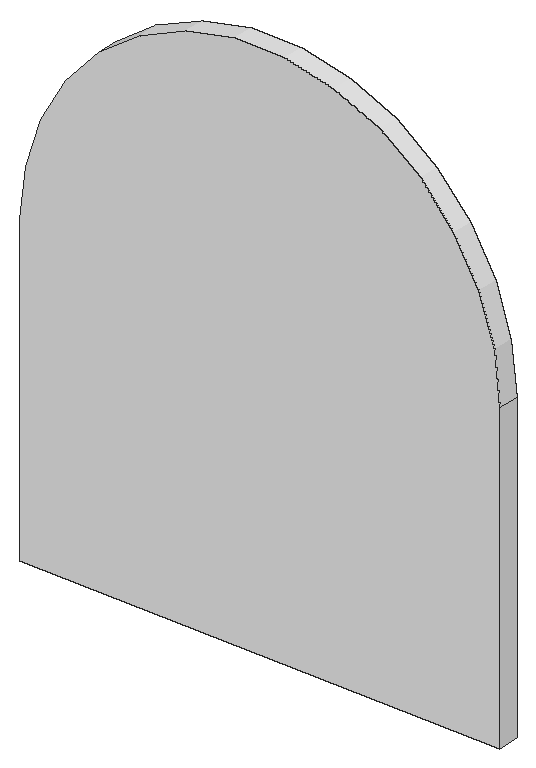
Revit family "Deca_Bacia Sanitária Convencional Carrara_P.60", category Plumbing Fixtures, host Face, Revit 2012
Parameters (values of type "AP.23_ Branco Gelo GE17")
  Vendido Separadamente = ""
  Variações de COR = " Branco (AP.23.17), Creme (AP.23.37), Ébano (AP.23.95)"
  URL = "www.deca.com.br/produtos"
  Segmento = "Luxo"
  Produto = "Assento Poliester Luxo*** - Fixação Cromada"
  Peso Liquido (Kg) = 3.8
  Norma = "Não se Aplica"
  Criado por = "Contino/quattroD"  # constant formula
  Assento Não = no
  Model = "AP.23.17"
  Material = "Deca_Poliéster e latão cromado"
  Manufacturer = "Deca"
  Louça/Metais = "Louça"
  Linha = "***LK, Omega, Carrara, Nuova, e Duna"
  Informações Complementares = ""
  Description = "Assento Poliester Luxo*** - Fixação Cromada"
  Código = "AP.23.17"
  Atendimento ao Cliente = "0800-0117073"
  Assento 3D = yes
  Assento = Deca GE17 Branco Gelo Poliester
  Assembly Code = "D2010100"
  Aprovado por = "Contino/quattroD"  # constant formula
  Acompanha o Produto = ""
  AP.60 = no
  AP.237 = no
  AP.23.230 = yes
Types (11, lengths in mm): name | Variações de COR | URL | Segmento | Produto | Peso Liquido (Kg) | Norma | Assento Não | Model | Material | Manufacturer | Louça/Metais | Linha | Description | Código | Atendimento ao Cliente | Assento 3D | Assento | Assembly Code | AP.60 | AP.237 | AP.23.230
  AP.60_ Branco Gelo GE17 | " Branco (AP.60.17), Creme (AP.60.37), Ébano (AP.60.95)" | "www.deca.com.br/produtos" | "Luxo" | "Assento Plástico Luxo***" | 1.06 | "Não se Aplica" | no | "AP.60.17" | "Deca_Polipropileno" | "Deca" | "Louça" | "***LK, Omega, Carrara, Nuova, e Duna" | "Assento Plástico Luxo***" | "AP.60.17" | "0800-0117073" | yes | Deca GE17 Branco Gelo Plástico | "D2010100" | yes | no | no
  AP.60_Creme CR37 | " Branco (AP.60.17), Creme (AP.60.37), Ébano (AP.60.95)" | "www.deca.com.br/produtos" | "Luxo" | "Assento Plástico Luxo***" | 1.06 | "Não se Aplica" | no | "AP.60.37" | "Deca_Polipropileno" | "Deca" | "Louça" | "***LK, Omega, Carrara, Nuova, e Duna" | "Assento Plástico Luxo***" | "AP.60.37" | "0800-0117073" | yes | Deca CR37 Creme Plástico | "D2010100" | yes | no | no
  AP.60_Ébano EB95 | "Branco (AP.60.17), Creme (AP.60.37), Ébano (AP.60.95)" | "www.deca.com.br/produtos" | "Luxo" | "Assento Plástico Luxo***" | 1.06 | "Não se Aplica" | no | "AP.60.95" | "Deca_Polipropileno" | "Deca" | "Louça" | "***LK, Omega, Carrara, Nuova, e Duna" | "Assento Plástico Luxo***" | "AP.60.95" | "0800-0117073" | yes | Deca EB95 Ébano Plástico | "D2010100" | yes | no | no
  AP.23_ Branco Gelo GE17 | " Branco (AP.23.17), Creme (AP.23.37), Ébano (AP.23.95)" | "www.deca.com.br/produtos" | "Luxo" | "Assento Poliester Luxo*** - Fixação Cromada" | 3.8 | "Não se Aplica" | no | "AP.23.17" | "Deca_Poliéster e latão cromado" | "Deca" | "Louça" | "***LK, Omega, Carrara, Nuova, e Duna" | "Assento Poliester Luxo*** - Fixação Cromada" | "AP.23.17" | "0800-0117073" | yes | Deca GE17 Branco Gelo Poliester | "D2010100" | no | no | yes
  AP.23_Creme CR37 | " Branco (AP.23.17), Creme (AP.23.37), Ébano (AP.23.95)" | "www.deca.com.br/produtos" | "Luxo" | "Assento Poliester Luxo*** - Fixação Cromada" | 3.8 | "Não se Aplica" | no | "AP.23.37" | "Deca_Poliéster e latão cromado" | "Deca" | "Louça" | "***LK, Omega, Carrara, Nuova, e Duna" | "Assento Poliester Luxo*** - Fixação Cromada" | "AP.23.37" | "0800-0117073" | yes | Deca CR37 Creme Poliester | "D2010100" | no | no | yes
  AP.23_Ébano EB95 | " Branco (AP.23.17), Creme (AP.23.37), Ébano (AP.23.95)" | "www.deca.com.br/produtos" | "Luxo" | "Assento Poliester Luxo*** - Fixação Cromada" | 3.8 | "Não se Aplica" | no | "AP.23.95" | "Deca_Poliéster e latão cromado" | "Deca" | "Louça" | "***LK, Omega, Carrara, Nuova, e Duna" | "Assento Poliester Luxo*** - Fixação Cromada" | "AP.23.95" | "0800-0117073" | yes | Deca EB95 Ébano Poliester | "D2010100" | no | no | yes
  AP.230_Ébano EB95 | " Branco (AP.230.17), Creme (AP.230.37), Ébano (AP.230.95)" | "www.deca.com.br/produtos" | "Luxo" | "Assento Poliester Luxo*** - Fixação Cromada" | 3.8 | "Não se Aplica" | no | "AP.230.95" | "Deca_Poliéster e latão dourado" | "Deca" | "Louça" | "***LK, Omega, Carrara, Nuova, e Duna" | "Assento Poliester Luxo*** - Fixação Dourada" | "AP.230.95" | "0800-0117073" | yes | Deca EB95 Ébano Poliester | "D2010100" | no | no | yes
  AP.230_Creme CR37 | " Branco (AP.230.17), Creme (AP.230.37), Ébano (AP.230.95)" | "www.deca.com.br/produtos" | "Luxo" | "Assento Poliester Luxo*** - Fixação Cromada" | 3.8 | "Não se Aplica" | no | "AP.230.37" | "Deca_Poliéster e latão dourado" | "Deca" | "Louça" | "***LK, Omega, Carrara, Nuova, e Duna" | "Assento Poliester Luxo*** - Fixação Dourada" | "AP.230.37" | "0800-0117073" | yes | Deca CR37 Creme Poliester | "D2010100" | no | no | yes
  AP.230_Branco Gelo GE17 | " Branco (AP.230.17), Creme (AP.230.37), Ébano (AP.230.95)" | "www.deca.com.br/produtos" | "Luxo" | "Assento Poliester Luxo*** - Fixação Cromada" | 3.8 | "Não se Aplica" | no | "AP.230.17" | "Deca_Poliéster e latão dourado" | "Deca" | "Louça" | "***LK, Omega, Carrara, Nuova, e Duna" | "Assento Poliester Luxo*** - Fixação Dourada" | "AP.230.17" | "0800-0117073" | yes | Deca GE17 Branco Gelo Poliester | "D2010100" | no | no | yes
  AP.237_Branco Gelo GE17 | " Branco (AP.237.17)" | "www.deca.com.br/produtos" | "Luxo" | "Assento Poliester Luxo*** - com Slow Close" | 4.4 | "Não se Aplica" | no | "AP.237.17" | "Deca_Poliéster " | "Deca" | "Louça" | "***LK, Omega, Carrara, Nuova, e Duna" | "Assento Poliester Luxo*** -com Slow Close" | "AP.237.17" | "0800-0117073" | yes | Deca GE17 Branco Gelo Poliester | "D2010100" | no | yes | no
  Assento Não | "" | "" | "" | "" | 0 | "" | yes | "" | "" | 0 | "" | "" | "" | "" | "" | no | none | 0 | no | no | no
Reference planes
  plane 1 "Center (Front/Back)": y = 0
  plane 2: z = 0
  plane 3 "Center (Left/Right)": x = 0
  plane 4: x = 3.125
  plane 5: x = -0.469
  plane 6: x = -0.312
  plane 7: x = -78.312
Forms (mm)
  Extrusion 1, solid, material "Deca GE17 Branco Gelo Poliester" <- "Assento", visible <- "Assento 3D"
    sketch origin (0, -384.219, -161.25) x (1, 0, 0) y (0, 0, 1)
      loop
        line (170, 207.5) -> (170, 423.75)
        arc (170, 423.75) -> (0, 593.75) -> (-170, 423.75) r 170
        line (-170, 423.75) -> (-170, 207.5) -> (170, 207.5)
    from -405 to -390.219
Lines and regions (mm)
  Masking region 1, visible <- "AP.60"
    outline origin (-1148.271, 0, -363.283) x (1, 0, 0) y (0, 0, 1)
      loop
        line (979.741, 629.572) -> (979.737, 391.632)
        arc (979.737, 391.632) -> (982.787, 384.428) -> (990.082, 381.603) r 10.035
        line (990.082, 381.603) -> (997.594, 381.465)
        arc (997.594, 381.465) -> (1013.999, 378.597) -> (1030.505, 376.385) r 418.11
        line (1030.505, 376.385) -> (1053.346, 376.385) -> (1053.346, 349.072)
        arc (1053.346, 349.072) -> (1053.638, 348.365) -> (1054.346, 348.072) r 1
        line (1054.346, 348.072) -> (1084.946, 348.072)
        arc (1084.946, 348.072) -> (1085.653, 348.365) -> (1085.946, 349.072) r 1
        line (1085.946, 349.072) -> (1085.946, 378.472)
        arc (1085.946, 378.472) -> (1085.653, 379.179) -> (1084.946, 379.472) r 1
        line (1084.946, 379.472) -> (1079.146, 379.472) -> (1079.146, 383.283) -> (1143.896, 383.283) -> (1216.146, 383.283) -> (1216.146, 379.472) -> (1210.346, 379.472)
        arc (1210.346, 379.472) -> (1209.638, 379.179) -> (1209.346, 378.472) r 1
        line (1209.346, 378.472) -> (1209.346, 349.072)
        arc (1209.346, 349.072) -> (1209.638, 348.365) -> (1210.346, 348.072) r 1
        line (1210.346, 348.072) -> (1240.946, 348.072)
        arc (1240.946, 348.072) -> (1241.653, 348.365) -> (1241.946, 349.072) r 1
        line (1241.946, 349.072) -> (1241.946, 376.385) -> (1264.786, 376.385)
        arc (1264.786, 376.385) -> (1281.292, 378.597) -> (1297.698, 381.465) r 418.11
        line (1297.698, 381.465) -> (1305.209, 381.603)
        arc (1305.209, 381.603) -> (1312.505, 384.428) -> (1315.554, 391.632) r 10.035
        line (1315.554, 391.632) -> (1315.549, 630.173)
        arc (1315.549, 630.173) -> (1147.345, 797.476) -> (979.741, 629.572) r 167.905
  Masking region 2, visible <- "AP.23.230"
    outline origin (-1527.819, 0, -381.319) x (1, 0, 0) y (0, 0, 1)
      loop
        arc (1354.798, 428.032) -> (1356.26, 424.501) -> (1359.791, 423.038) r 4.994
        line (1359.791, 423.038) -> (1425.298, 423.038) -> (1425.298, 411.575) -> (1423.854, 411.575)
        arc (1423.854, 411.575) -> (1423.348, 411.437) -> (1422.981, 411.063) r 1
        arc (1422.981, 411.063) -> (1422.322, 409.426) -> (1422.098, 407.675) r 6.937
        arc (1422.098, 407.675) -> (1422.322, 405.924) -> (1422.981, 404.286) r 6.937
        arc (1422.981, 404.286) -> (1423.348, 403.912) -> (1423.854, 403.775) r 1
        line (1423.854, 403.775) -> (1425.298, 403.775) -> (1425.298, 401.775)
        arc (1425.298, 401.775) -> (1425.444, 401.421) -> (1425.798, 401.275) r 0.5
        line (1425.798, 401.275) -> (1438.798, 401.275)
        arc (1438.798, 401.275) -> (1439.151, 401.421) -> (1439.298, 401.775) r 0.5
        line (1439.298, 401.775) -> (1439.298, 378.675)
        arc (1439.298, 378.675) -> (1449.304, 368.675) -> (1459.327, 378.688) r 10
        line (1459.327, 378.688) -> (1459.311, 401.774)
        arc (1459.311, 401.774) -> (1459.458, 401.421) -> (1459.811, 401.275) r 0.5
        line (1459.811, 401.275) -> (1472.811, 401.275)
        arc (1472.811, 401.275) -> (1473.165, 401.421) -> (1473.311, 401.775) r 0.5
        line (1473.311, 401.775) -> (1473.311, 403.775) -> (1474.755, 403.775)
        arc (1474.755, 403.775) -> (1475.261, 403.912) -> (1475.627, 404.286) r 1
        arc (1475.627, 404.286) -> (1476.287, 405.924) -> (1476.511, 407.675) r 6.937
        arc (1476.511, 407.675) -> (1476.287, 409.426) -> (1475.627, 411.063) r 6.937
        arc (1475.627, 411.063) -> (1475.261, 411.437) -> (1474.755, 411.575) r 1
        line (1474.755, 411.575) -> (1473.311, 411.575) -> (1473.311, 423.038) -> (1581.388, 423.038) -> (1581.388, 411.575) -> (1579.945, 411.575)
        arc (1579.945, 411.575) -> (1579.439, 411.437) -> (1579.072, 411.063) r 1
        arc (1579.072, 411.063) -> (1578.413, 409.426) -> (1578.188, 407.675) r 6.937
        arc (1578.188, 407.675) -> (1578.413, 405.924) -> (1579.072, 404.286) r 6.937
        arc (1579.072, 404.286) -> (1579.439, 403.912) -> (1579.945, 403.775) r 1
        line (1579.945, 403.775) -> (1581.388, 403.775) -> (1581.388, 401.775)
        arc (1581.388, 401.775) -> (1581.535, 401.421) -> (1581.888, 401.275) r 0.5
        line (1581.888, 401.275) -> (1594.888, 401.275)
        arc (1594.888, 401.275) -> (1595.242, 401.421) -> (1595.404, 401.774) r 0.5
        line (1595.404, 401.774) -> (1595.402, 378.688)
        arc (1595.402, 378.688) -> (1605.395, 368.675) -> (1615.402, 378.675) r 10
        line (1615.402, 378.675) -> (1615.402, 401.775)
        arc (1615.402, 401.775) -> (1615.548, 401.421) -> (1615.902, 401.275) r 0.5
        line (1615.902, 401.275) -> (1628.902, 401.275)
        arc (1628.902, 401.275) -> (1629.256, 401.421) -> (1629.402, 401.775) r 0.5
        line (1629.402, 401.775) -> (1629.402, 403.775) -> (1630.846, 403.775)
        arc (1630.846, 403.775) -> (1631.351, 403.912) -> (1631.718, 404.286) r 1
        arc (1631.718, 404.286) -> (1632.377, 405.924) -> (1632.602, 407.675) r 6.937
        arc (1632.602, 407.675) -> (1632.377, 409.426) -> (1631.718, 411.063) r 6.937
        arc (1631.718, 411.063) -> (1631.351, 411.437) -> (1630.846, 411.575) r 1
        line (1630.846, 411.575) -> (1629.402, 411.575) -> (1629.402, 423.038) -> (1694.908, 423.038)
        arc (1694.908, 423.038) -> (1698.439, 424.501) -> (1699.902, 428.032) r 4.994
        line (1699.902, 428.032) -> (1699.902, 643.038)
        arc (1699.902, 643.038) -> (1527.35, 815.59) -> (1354.798, 643.038) r 172.552
        line (1354.798, 643.038) -> (1354.798, 428.032)
  Masking region 3, visible <- "AP.237"
    outline origin (-2298.464, 0, -383.575) x (1, 0, 0) y (0, 0, 1)
      loop
        line (2126.401, 644.445) -> (2126.401, 431.065)
        arc (2126.401, 431.065) -> (2127.571, 428.24) -> (2130.396, 427.07) r 3.995
        line (2130.396, 427.07) -> (2184.741, 427.07) -> (2184.741, 404.47) -> (2198.741, 404.47) -> (2198.741, 407.472) -> (2200.401, 407.472) -> (2200.401, 385.97)
        arc (2200.401, 385.97) -> (2220.151, 366.22) -> (2239.901, 385.97) r 19.75
        line (2239.901, 385.97) -> (2239.901, 409.072) -> (2242.651, 409.072) -> (2242.651, 406.07)
        arc (2242.651, 406.07) -> (2242.798, 405.716) -> (2243.151, 405.57) r 0.5
        line (2243.151, 405.57) -> (2256.651, 405.57) -> (2256.651, 427.07) -> (2339.651, 427.07) -> (2339.651, 406.07)
        arc (2339.651, 406.07) -> (2339.798, 405.716) -> (2340.151, 405.57) r 0.5
        line (2340.151, 405.57) -> (2352.988, 405.57)
        arc (2352.988, 405.57) -> (2353.421, 405.686) -> (2353.61, 406.092) r 0.53
        line (2353.61, 406.092) -> (2353.61, 408.124) -> (2354.401, 408.124) -> (2354.401, 406.87) -> (2356.401, 406.87) -> (2356.401, 385.97)
        arc (2356.401, 385.97) -> (2376.151, 366.22) -> (2395.901, 385.97) r 19.75
        line (2395.901, 385.97) -> (2395.901, 407.472) -> (2397.561, 407.472) -> (2397.561, 404.47) -> (2411.561, 404.47) -> (2411.561, 427.07) -> (2465.906, 427.07)
        arc (2465.906, 427.07) -> (2468.731, 428.24) -> (2469.901, 431.065) r 3.995
        line (2469.901, 431.065) -> (2469.901, 644.445)
        arc (2469.901, 644.445) -> (2419.597, 765.891) -> (2298.151, 816.195) r 171.75
        arc (2298.151, 816.195) -> (2176.706, 765.891) -> (2126.401, 644.445) r 171.75
  Masking region 4, visible <- "AP.60"
    outline origin (531.21, -419.36, 0) x (1, 0, 0) y (0, 1, 0)
      loop
        arc (-364.387, 425.36) -> (-363.618, 425.678) -> (-363.3, 426.447) r 1.087
        line (-363.3, 426.447) -> (-364.35, 438.445)
        arc (-364.35, 438.445) -> (-365.583, 441.35) -> (-368.29, 442.975) r 5.105
        line (-368.29, 442.975) -> (-694.131, 442.975)
        arc (-694.131, 442.975) -> (-696.837, 441.35) -> (-698.071, 438.445) r 5.105
        line (-698.071, 438.445) -> (-699.12, 426.447)
        arc (-699.12, 426.447) -> (-698.802, 425.678) -> (-698.033, 425.36) r 1.087
        line (-698.033, 425.36) -> (-364.387, 425.36)
  Masking region 5, visible <- "AP.23.230"
    outline origin (124.332, -421.311, 0) x (1, 0, 0) y (0, 1, 0)
      loop
        arc (-289.655, 464.511) -> (-293.785, 462.863) -> (-295.646, 458.825) r 6
        line (-295.646, 458.825) -> (-296.082, 450.511) -> (-124.332, 450.511) -> (47.418, 450.511) -> (46.982, 458.825)
        arc (46.982, 458.825) -> (45.121, 462.863) -> (40.99, 464.511) r 6
        line (40.99, 464.511) -> (-124.332, 464.511) -> (-289.655, 464.511)
  Masking region 6, visible <- "AP.23.230"
    outline origin (124.332, -421.311, 0) x (1, 0, 0) y (0, 1, 0)
      loop
        arc (-290.642, 443.084) -> (-294.684, 441.409) -> (-296.358, 437.367) r 5.716
        line (-296.358, 437.367) -> (-296.832, 428.327) -> (-124.332, 428.327) -> (48.168, 428.327) -> (47.694, 437.367)
        arc (47.694, 437.367) -> (46.02, 441.409) -> (41.978, 443.084) r 5.716
        line (41.978, 443.084) -> (-124.332, 443.084) -> (-290.642, 443.084)
  Masking region 7, visible <- "AP.237"
    outline origin (124.332, -421.711, 0) x (1, 0, 0) y (0, 1, 0)
      loop
        arc (-289.655, 464.511) -> (-293.785, 462.863) -> (-295.646, 458.825) r 6
        line (-295.646, 458.825) -> (-296.082, 450.511) -> (-124.332, 450.511) -> (47.418, 450.511) -> (46.982, 458.825)
        arc (46.982, 458.825) -> (45.121, 462.863) -> (40.99, 464.511) r 6
        line (40.99, 464.511) -> (-124.332, 464.511) -> (-289.655, 464.511)
  Masking region 8, visible <- "AP.237"
    outline origin (124.332, -421.711, 0) x (1, 0, 0) y (0, 1, 0)
      loop
        arc (-290.642, 443.084) -> (-294.684, 441.409) -> (-296.358, 437.367) r 5.716
        line (-296.358, 437.367) -> (-296.832, 428.327) -> (-124.332, 428.327) -> (48.168, 428.327) -> (47.694, 437.367)
        arc (47.694, 437.367) -> (46.02, 441.409) -> (41.978, 443.084) r 5.716
        line (41.978, 443.084) -> (-124.332, 443.084) -> (-290.642, 443.084)
  Masking region 9, visible <- "AP.60"
    outline origin (0, -573.16, -511.537) x (0, 0, -1) y (0, 1, 0)
      loop
        arc (-935.832, 612.015) -> (-941.038, 610.011) -> (-943.748, 605.134) r 8.178
        arc (-943.748, 605.134) -> (-943.774, 603.997) -> (-943.748, 602.86) r 24.786
        line (-943.748, 602.86) -> (-545.789, 602.86)
        arc (-545.789, 602.86) -> (-553.573, 598.413) -> (-562.402, 596.86) r 26.123
        line (-562.402, 596.86) -> (-938.826, 596.212)
        arc (-938.826, 596.212) -> (-942.475, 595.062) -> (-944.242, 591.667) r 5
        line (-944.242, 591.667) -> (-945.241, 580.247)
        arc (-945.241, 580.247) -> (-944.983, 579.484) -> (-944.245, 579.16) r 1
        line (-944.245, 579.16) -> (-530.075, 579.16)
        arc (-530.075, 579.16) -> (-529.565, 579.299) -> (-529.197, 579.68) r 1
        line (-529.197, 579.68) -> (-527.452, 586.192)
        arc (-527.452, 586.192) -> (-527.291, 585.473) -> (-527.237, 584.739) r 5
        line (-527.237, 584.739) -> (-527.237, 582.26) -> (-527.237, 574.16)
        arc (-527.237, 574.16) -> (-526.944, 573.452) -> (-526.237, 573.16) r 1
        line (-526.237, 573.16) -> (-496.837, 573.16)
        arc (-496.837, 573.16) -> (-496.13, 573.452) -> (-495.837, 574.16) r 1
        line (-495.837, 574.16) -> (-495.837, 582.26)
        arc (-495.837, 582.26) -> (-496.13, 582.967) -> (-496.837, 583.26) r 1
        line (-496.837, 583.26) -> (-516.252, 583.26)
        arc (-516.252, 583.26) -> (-516.979, 583.5) -> (-517.319, 584.187) r 0.994
        line (-517.319, 584.187) -> (-517.708, 590.279)
        arc (-517.708, 590.279) -> (-518.365, 592.981) -> (-519.906, 595.295) r 8.001
        line (-519.906, 595.295) -> (-524.101, 598.573)
        arc (-524.101, 598.573) -> (-524.817, 602.482) -> (-526.901, 605.866) r 10.777
        line (-526.901, 605.866) -> (-531.047, 611.788) -> (-531.047, 615.6)
        arc (-531.047, 615.6) -> (-532.272, 618.555) -> (-535.227, 619.78) r 4.179
        line (-535.227, 619.78) -> (-935.832, 612.015)
  Masking region 10, visible <- "AP.23.230"
    outline origin (0, -578.294, -1023.368) x (0, 0, -1) y (0, 1, 0)
      loop
        line (-1455.26, 615.808) -> (-1455.696, 607.494) -> (-1107.456, 607.494) -> (-1107.456, 605.494) -> (-1085.32, 605.108) -> (-1063.433, 604.726)
        arc (-1063.433, 604.726) -> (-1058.056, 602.445) -> (-1055.77, 597.071) r 7.8
        line (-1055.77, 597.071) -> (-1055.77, 593.117)
        arc (-1055.77, 593.117) -> (-1058.525, 587.311) -> (-1064.704, 585.544) r 7.8
        line (-1064.704, 585.544) -> (-1065.01, 594.31)
        arc (-1065.01, 594.31) -> (-1066.594, 598.166) -> (-1070.308, 600.059) r 6
        line (-1070.308, 600.059) -> (-1451.314, 600.059)
        arc (-1451.314, 600.059) -> (-1455.066, 598.233) -> (-1456.719, 594.403) r 6
        line (-1456.719, 594.403) -> (-1457.196, 585.31) -> (-1072.143, 585.31) -> (-1107.432, 584.694) -> (-1107.433, 582.694) -> (-1062.45, 582.694)
        arc (-1062.45, 582.694) -> (-1057.523, 583.587) -> (-1052.958, 585.645) r 20.546
        line (-1052.958, 585.645) -> (-1048.795, 588.049) -> (-1043.867, 582.694)
        arc (-1043.867, 582.694) -> (-1039.812, 579.66) -> (-1034.935, 578.294) r 13.796
        line (-1034.935, 578.294) -> (-1010.333, 578.294) -> (-1010.333, 580.119) -> (-1016.983, 580.236) -> (-1016.983, 592.011)
        arc (-1016.983, 592.011) -> (-1019.958, 593.713) -> (-1023.333, 594.311) r 10
        arc (-1023.333, 594.311) -> (-1026.708, 593.713) -> (-1029.683, 592.011) r 10
        line (-1029.683, 592.011) -> (-1029.683, 580.457) -> (-1034.081, 580.534)
        arc (-1034.081, 580.534) -> (-1041.483, 584.007) -> (-1043.82, 591.843) r 10
        arc (-1043.82, 591.843) -> (-1043.146, 596.733) -> (-1046.154, 600.649) r 6.4
        line (-1046.154, 600.649) -> (-1053.498, 604.852)
        arc (-1053.498, 604.852) -> (-1058.876, 606.968) -> (-1064.634, 607.458) r 20
        line (-1064.634, 607.458) -> (-1064.983, 615.703)
        arc (-1064.983, 615.703) -> (-1066.678, 619.795) -> (-1070.77, 621.494) r 5.787
        line (-1070.77, 621.494) -> (-1449.268, 621.494)
        arc (-1449.268, 621.494) -> (-1453.399, 619.846) -> (-1455.26, 615.808) r 6
  Masking region 11, visible <- "AP.60"
    outline origin (531.21, -419.36, 0) x (1, 0, 0) y (0, 1, 0)
      loop
        line (-364.754, 449.06) -> (-364.754, 450.784)
        arc (-364.754, 450.784) -> (-366.797, 456.121) -> (-371.882, 458.736) r 7.993
        arc (-371.882, 458.736) -> (-416.482, 462.2) -> (-461.154, 464.571) r 1828.328
        arc (-461.154, 464.571) -> (-496.15, 465.627) -> (-531.161, 465.937) r 1643.668
        arc (-531.161, 465.937) -> (-566.172, 465.627) -> (-601.169, 464.571) r 1643.668
        arc (-601.169, 464.571) -> (-645.942, 462.193) -> (-690.642, 458.718) r 1828.328
        arc (-690.642, 458.718) -> (-695.658, 456.082) -> (-697.667, 450.784) r 7.993
        line (-697.667, 450.784) -> (-697.667, 449.06) -> (-364.754, 449.06)
  Masking region 12, built-in parameter 1006206 <- "AP.237", visible <- "AP.237"
    outline origin (0, -588.758, -2030.037) x (0, 0, -1) y (0, 1, 0)
      loop
        line (-2071.721, 604.519) -> (-2071.407, 595.524)
        arc (-2071.407, 595.524) -> (-2069.519, 595.554) -> (-2067.711, 596.094) r 6.9
        arc (-2067.711, 596.094) -> (-2069.643, 600.288) -> (-2070.305, 604.858) r 16.1
        arc (-2070.305, 604.858) -> (-2069.492, 609.559) -> (-2067.148, 613.714) r 14
        arc (-2067.148, 613.714) -> (-2069.358, 614.404) -> (-2071.672, 614.512) r 9.072
        line (-2071.672, 614.512) -> (-2114.385, 615.257) -> (-2114.385, 617.312) -> (-2462.402, 617.312) -> (-2461.981, 625.339)
        arc (-2461.981, 625.339) -> (-2459.92, 629.66) -> (-2455.408, 631.258) r 6.255
        line (-2455.408, 631.258) -> (-2077.688, 631.258)
        arc (-2077.688, 631.258) -> (-2073.52, 629.574) -> (-2071.692, 625.467) r 6
        line (-2071.692, 625.467) -> (-2071.404, 617.233)
        arc (-2071.404, 617.233) -> (-2067.834, 617.092) -> (-2064.346, 616.318) r 20
        arc (-2064.346, 616.318) -> (-2047.842, 616.01) -> (-2043.103, 600.197) r 14
        arc (-2043.103, 600.197) -> (-2042.252, 593.874) -> (-2036.625, 590.868) r 7
        line (-2036.625, 590.868) -> (-2036.655, 597.984)
        arc (-2036.655, 597.984) -> (-2036.548, 598.434) -> (-2036.25, 598.788) r 1
        arc (-2036.25, 598.788) -> (-2030.304, 600.75) -> (-2024.357, 598.788) r 9.992
        arc (-2024.357, 598.788) -> (-2024.047, 598.407) -> (-2023.955, 597.925) r 0.998
        line (-2023.955, 597.925) -> (-2023.955, 590.647) -> (-2010.562, 590.413) -> (-2010.562, 588.758) -> (-2054.205, 588.758)
        arc (-2054.205, 588.758) -> (-2060.253, 589.937) -> (-2065.414, 593.301) r 16.1
        arc (-2065.414, 593.301) -> (-2067.997, 592.832) -> (-2070.619, 592.706) r 20
        line (-2070.619, 592.706) -> (-2114.612, 593.473) -> (-2114.579, 595.374) -> (-2463.907, 595.374) -> (-2463.444, 604.2)
        arc (-2463.444, 604.2) -> (-2461.533, 608.661) -> (-2456.946, 610.249) r 6
        line (-2456.946, 610.249) -> (-2077.6, 610.249)
        arc (-2077.6, 610.249) -> (-2073.52, 608.603) -> (-2071.724, 604.587) r 5.88
  symbolic lines, visible <- "AP.60"
    curve 1: arc (102.08, 0, 14.11) -> (102.319, 0, 13.453) -> (102.926, 0, 13.103) r 1.023
    curve 2: arc (101.475, 0, 14.04) -> (101.2, 0, 13.377) -> (100.537, 0, 13.103) r 0.938
    curve 3: line (88.975, 0, 16.189) -> (86.875, 0, 16.189)
    curve 4: line (86.875, 0, 16.189) -> (86.875, 0, 7.261)
    curve 5: arc (86.875, 0, 7.261) -> (86.58, 0, 6.549) -> (85.868, 0, 6.254) r 1.007
    curve 6: line (85.868, 0, 6.254) -> (68.893, 0, 6.254)
    curve 7: arc (68.893, 0, 6.254) -> (68.211, 0, 6.515) -> (67.878, 0, 7.164) r 1.021
    curve 8: line (67.878, 0, 7.164) -> (67.878, 0, 16.277)
    curve 64: arc (0, 35.516, 19.511) -> (0, 34.264, 17.137) -> (0, 32.462, 15.149) r 10.708
    curve 65: arc (0, 20.805, 13.812) -> (0, 23.049, 12.967) -> (0, 25.413, 12.565) r 12.515
    curve 66: line (0, 20.805, 13.812) -> (0, 13.032, 15.916)
    curve 67: line (0, 10.1, 4.715) -> (0, 10.1, 14.7)
    curve 68: arc (0, 10.1, 14.7) -> (0, 9.807, 15.407) -> (0, 9.1, 15.7) r 1
    curve 77: line (88.975, 0, 14.095) -> (88.975, 0, 20)
    curve 78: arc (88.975, 0, 14.095) -> (89.266, 0, 13.393) -> (89.968, 0, 13.103) r 0.993
    curve 79: line (93.675, 0, 13.103) -> (89.968, 0, 13.103)
    curve 80: line (101.475, 0, 14.04) -> (101.475, 0, 20)
    curve 81: line (102.08, 0, 14.11) -> (102.08, 0, 20)
    curve 82: arc (-103.327, 0, 14.11) -> (-103.566, 0, 13.453) -> (-104.173, 0, 13.103) r 1.023
    curve 83: arc (-102.722, 0, 14.04) -> (-102.447, 0, 13.377) -> (-101.784, 0, 13.103) r 0.938
    curve 84: line (-90.222, 0, 16.189) -> (-88.122, 0, 16.189)
    curve 85: line (-88.122, 0, 16.189) -> (-88.122, 0, 7.261)
    curve 86: arc (-88.122, 0, 7.261) -> (-87.827, 0, 6.549) -> (-87.115, 0, 6.254) r 1.007
    curve 87: line (-87.115, 0, 6.254) -> (-70.14, 0, 6.254)
    curve 88: arc (-70.14, 0, 6.254) -> (-69.458, 0, 6.515) -> (-69.125, 0, 7.164) r 1.021
    curve 89: line (-69.125, 0, 7.164) -> (-69.125, 0, 16.277)
    curve 90: line (-90.222, 0, 14.095) -> (-90.222, 0, 20)
    curve 91: arc (-90.222, 0, 14.095) -> (-90.513, 0, 13.393) -> (-91.215, 0, 13.103) r 0.993
    curve 92: line (-94.922, 0, 13.103) -> (-91.215, 0, 13.103)
    curve 93: line (-102.722, 0, 14.04) -> (-102.722, 0, 20)
    curve 94: line (-103.327, 0, 14.11) -> (-103.327, 0, 20)
    curve 95: line (0, 29.7, 19.511) -> (0, 38.628, 19.511)
    curve 96: line (0, 29.7, 19.511) -> (0, 29.7, 34.253)
    curve 97: line (-69.125, 0, 20) -> (-164.065, 0, 20)
    curve 98: line (67.875, 0, 20) -> (162.815, 0, 20)
  symbolic lines, visible <- "AP.23.230"
    curve 9: line (-102.521, 0, 41.719) -> (-54.507, 0, 41.719)
    curve 10: line (-88.521, 0, 20.744) -> (-88.521, 0, 41.719)
    curve 11: line (-68.523, 0, 20.455) -> (-68.523, 0, 41.719)
    curve 12: line (-88.521, 0, 30.754) -> (-68.523, 0, 30.754)
    curve 13: line (-54.507, 0, 22.455) -> (-54.507, 0, 30.255)
    curve 14: line (-88.021, 0, -2.653) -> (-88.021, 0, 30.754)
    curve 15: line (-69.021, 0, 30.754) -> (-69.021, 0, -2.653)
    curve 16: arc (-88.021, 0, -2.653) -> (-78.521, 0, -12.153) -> (-69.021, 0, -2.653) r 9.5
    curve 17: line (-88.021, 0, 22.022) -> (-69.021, 0, 22.022)
    curve 18: line (-88.021, 0, 20.777) -> (-69.021, 0, 20.777)
    curve 19: line (-88.021, 0, 11.103) -> (-69.021, 0, 11.103)
    curve 20: arc (-84.454, 0, 0.372) -> (-78.523, 0, 6.309) -> (-72.579, 0, 0.385) r 5.938
    curve 21: arc (-84.454, 0, 0.372) -> (-78.509, 0, -5.566) -> (-72.579, 0, 0.385) r 5.938
    curve 22: line (-102.521, 0, 30.255) -> (-102.521, 0, 22.455)
    curve 23: line (101.583, 0, 41.719) -> (53.57, 0, 41.719)
    curve 24: line (87.583, 0, 20.455) -> (87.583, 0, 41.719)
    curve 25: line (67.585, 0, 20.075) -> (67.585, 0, 41.719)
    curve 26: line (87.583, 0, 30.754) -> (67.585, 0, 30.754)
    curve 27: line (53.57, 0, 22.455) -> (53.57, 0, 30.255)
    curve 28: line (87.083, 0, -2.653) -> (87.083, 0, 30.754)
    curve 29: line (68.083, 0, 30.754) -> (68.083, 0, -2.653)
    curve 30: arc (87.083, 0, -2.653) -> (77.583, 0, -12.153) -> (68.083, 0, -2.653) r 9.5
    curve 31: line (87.083, 0, 22.022) -> (68.083, 0, 22.022)
    curve 32: line (87.083, 0, 20.777) -> (68.083, 0, 20.777)
    curve 33: line (87.083, 0, 11.103) -> (68.083, 0, 11.103)
    curve 34: arc (83.516, 0, 0.385) -> (77.579, 0, 6.309) -> (71.641, 0, 0.385) r 5.938
    curve 35: arc (83.516, 0, 0.385) -> (77.579, 0, -5.566) -> (71.641, 0, 0.385) r 5.938
    curve 36: line (101.583, 0, 30.255) -> (101.583, 0, 22.455)
    curve 69: arc (0, 22.355, 22.785) -> (0, 22.426, 28.991) -> (0, 17.241, 32.402) r 6.47
    curve 70: arc (0, 16.8, 22.064) -> (0, 20.629, 25.893) -> (0, 16.8, 29.722) r 3.829
    curve 71: arc (0, 16.8, 29.722) -> (0, 12.971, 25.893) -> (0, 16.8, 22.064) r 3.829
    curve 72: arc (0, 13.549, 20.451) -> (0, 11.32, 22.686) -> (0, 9.755, 25.426) r 11.943
    curve 73: line (0, 1.942, -6.386) -> (0, 2.163, 6.314)
    curve 74: line (0, 0, -6.352) -> (0, 0, 6.352)
    curve 75: line (0, 29.2, 41.266) -> (0, 29.2, 84.088)
    curve 76: line (0, 7.25, 41.336) -> (0, 7.016, 48.774)
  symbolic lines, visible <- "AP.237"
    curve 37: line (-113.723, 0, 43.495) -> (-41.812, 0, 43.495)
    curve 38: line (-99.723, 0, 23.896) -> (-99.723, 0, 43.495)
    curve 39: line (-98.062, 0, 23.896) -> (-98.062, 0, 41.895)
    curve 40: line (-99.723, 0, 34.096) -> (-98.062, 0, 34.096)
    curve 41: arc (-98.062, 0, 41.895) -> (-97.916, 0, 42.248) -> (-97.562, 0, 42.395) r 0.5
    curve 42: line (-97.562, 0, 42.395) -> (-59.062, 0, 42.395)
    curve 43: arc (-59.062, 0, 42.395) -> (-58.709, 0, 42.248) -> (-58.562, 0, 41.895) r 0.5
    curve 44: line (-58.562, 0, 41.895) -> (-58.562, 0, 14.895)
    curve 45: line (-58.562, 0, 32.496) -> (-55.812, 0, 32.496)
    curve 46: line (-55.812, 0, 43.495) -> (-55.812, 0, 25.496)
    curve 47: line (58.438, 0, 42.395) -> (96.769, 0, 42.395)
    curve 48: arc (57.938, 0, 41.895) -> (58.084, 0, 42.248) -> (58.438, 0, 42.395) r 0.5
    curve 49: line (57.938, 0, 41.895) -> (57.938, 0, 14.895)
    curve 50: line (55.938, 0, 33.495) -> (57.938, 0, 33.495)
    curve 51: line (55.938, 0, 24.548) -> (55.938, 0, 33.495)
    curve 52: line (55.146, 0, 43.495) -> (55.146, 0, 24.548)
    curve 53: line (99.098, 0, 21.395) -> (99.098, 0, 43.495)
    curve 54: line (97.438, 0, 31.895) -> (99.098, 0, 31.895)
    curve 55: line (97.438, 0, 41.895) -> (97.438, 0, 14.895)
    curve 56: line (57.938, 0, 41.895) -> (57.938, 0, 14.895)
    curve 57: line (41.188, 0, 43.495) -> (113.098, 0, 43.495)
    curve 58: arc (97.438, 0, 41.895) -> (97.164, 0, 42.263) -> (96.723, 0, 42.395) r 0.727
    curve 59: line (55.938, 0, 32.75) -> (55.146, 0, 32.75)
    curve 60: arc (-72.489, 0, 2.416) -> (-78.862, 0, 8.744) -> (-85.145, 0, 2.326) r 6.328
    curve 61: arc (-72.494, 0, 2.158) -> (-80.721, 0, -3.619) -> (-84.144, 0, 5.833) r 6.328
    curve 62: arc (84.066, 0, 2.416) -> (77.737, 0, 8.745) -> (71.409, 0, 2.416) r 6.328
    curve 63: arc (84.066, 0, 2.416) -> (77.737, 0, -3.912) -> (71.409, 0, 2.416) r 6.328
  symbolic lines, built-in parameter 1006206 <- "AP.237", visible <- "AP.237"
    curve 99: arc (0, 14.813, 33.657) -> (0, 20.927, 32.008) -> (0, 23.6, 26.268) r 7.5
    curve 100: arc (0, 23.6, 26.268) -> (0, 17.529, 18.905) -> (0, 9.145, 23.462) r 7.5
    curve 101: line (0, 4.543, 35.377) -> (0, 9.145, 23.462)
    curve 102: arc (0, 14.799, 33.736) -> (0, 9.897, 34.721) -> (0, 6.948, 38.759) r 6.9
    curve 103: arc (0, 27.56, 34.309) -> (0, 25.963, 36.131) -> (0, 24.141, 37.728) r 18.442
    curve 104: line (0, 1.889, -6.082) -> (0, 2.11, 6.588)
    curve 105: line (0, 28.475, 41.367) -> (0, 28.554, 84.347)
    curve 106: line (0, 6.766, 41.37) -> (0, 6.616, 84.542)
    curve 107: circle (0, 16.054, 26.533) r 3.85 normal (-1, 0, 0)
  symbolic lines, visible <- "Assento Não"
    curve 108: circle (-77.488, 0, 0.02) r 7.512 normal (0, -1, 0)
    curve 109: arc (-123.257, 0, 267.038) -> (-85.837, 0, 351.941) -> (0, 0, 387.167) r 124.101
    curve 110: line (-123.257, 0, 267.038) -> (-123.257, 0, 188.925)
    curve 111: arc (-123.257, 0, 188.925) -> (-85.189, 0, 105.186) -> (0, 0, 70.485) r 124.415
    curve 112: arc (123.257, 0, 267.038) -> (85.837, 0, 351.941) -> (0, 0, 387.167) r 124.101
    curve 113: line (123.257, 0, 267.038) -> (123.257, 0, 188.925)
    curve 114: arc (123.257, 0, 188.925) -> (85.189, 0, 105.186) -> (0, 0, 70.485) r 124.415
    curve 115: line (-27.886, 0, 73.884) -> (-27.886, 0, 145.798)
    curve 116: line (-15.698, 0, 157.986) -> (15.698, 0, 157.986)
    curve 117: line (27.886, 0, 145.045) -> (27.886, 0, 73.884)
    curve 118: arc (-27.886, 0, 145.798) -> (-24.316, 0, 154.417) -> (-15.698, 0, 157.986) r 12.188
    curve 119: arc (27.886, 0, 145.798) -> (24.316, 0, 154.417) -> (15.698, 0, 157.986) r 12.188
    curve 120: circle (77.488, 0, 0.02) r 7.512 normal (0, 1, 0)
Types in the file's own list only (3): name | Vendido Separadamente | Variações de COR | URL | Raio Água Fria | Raio Ponto de Esgoto | Produto | Peso Liquido (Kg) | Norma | Model | Material | Linha | Diâmetro Água Fria | Diâmetro Ponto de Esgoto | Description | Default Elevation | Código | Criador por | Consumo | Bacia | Atendimento ao Cliente | Assento-Family | Assento | Acompanha o Produto
  P.60.17_Branco Gelo GE17 | "Anel de vedação (AV.90.01 ); Tubo de ligação com anel expansor: Cromado (1968.C), Branco (1968.E.BR), Dourado (1968.D)Parafuso de fixação: Cromado (SP.13.01) e Dourado(SP.130.03). Assentos Compatíveis:Assento Plástico: Branco (AP.60.17), Creme (AP.60.37), Ébano (AP.60.95).Assento Poliéster com fixação cromada: Branco (AP.23.17), Ébano(AP.23.95);Assento Poliéster com fixação dourada: Branco (AP.230.17), Ébano (AP.230.95); Assento termofixo Slowclose e Easy Clen: Branco (AP.236.17), Ébano (AP.236.95);   Assento Poliéster Slow Close: Branco (AP.237.17)." | "Branco (P.60.17); Creme (P.60.95); Ébano (P.60.95)." | "www.deca.com.br" | 20 mm | 50 mm | "Bacia sanitária convencional Carrara" | 27.6 | "ABNT NBR 15097-1: 2011 / ABNT NBR 15097-2: 2011" | "P.60.17" | "Deca_Vitreous China" | "Carrara" | 40 mm | 100 mm | "Bacia sanitária convencional" | 0 mm | "P.60.17" | "Contino/quattroD" | "6 lpf" | Deca GE17 Branco Gelo Cerâmica | "0800-011-7073" | Deca_Shared_Assento_P.60 : AP.60_ Branco Gelo GE17 | Deca GE17 Branco Gelo Poliéster | "Não Aplicável"
  P.60.95_Ébano EB95 | "Anel de vedação (AV.90.01 ); Tubo de ligação com anel expansor: Cromado (1968.C), Branco (1968.E.BR), Dourado (1968.D)Parafuso de fixação: Cromado (SP.13.01) e Dourado(SP.130.03). Assentos Compatíveis:Assento Plástico: Branco (AP.60.17), Creme (AP.60.37), Ébano (AP.60.95).Assento Poliéster com fixação cromada: Branco (AP.23.17), Ébano(AP.23.95);Assento Poliéster com fixação dourada: Branco (AP.230.17), Ébano (AP.230.95); Assento termofixo Slowclose e Easy Clen: Branco (AP.236.17), Ébano (AP.236.95);   Assento Poliéster Slow Close: Branco (AP.237.17)." | "Branco (P.60.17); Creme (P.60.95); Ébano (P.60.95)." | "www.deca.com.br" | 20 mm | 50 mm | "Bacia sanitária convencional Carrara" | 27.6 | "ABNT NBR 15097-1: 2011 / ABNT NBR 15097-2: 2011" | "P.60.95" | "Deca_Vitreous China" | "Carrara" | 40 mm | 100 mm | "Bacia sanitária convencional" | 0 mm | "P.60.95" | "Contino/quattroD" | "6 lpf" | Deca EB95 Ébano Cerâmica | "0800-011-7073" | Deca_Shared_Assento_P.60 : AP.60_Ébano EB95 | Deca EB95 Ébano Poliéster | "Não Aplicável"
  P.60.37_Creme CR37 | "Anel de vedação (AV.90.01 ); Tubo de ligação com anel expansor: Cromado (1968.C), Branco (1968.E.BR), Dourado (1968.D)Parafuso de fixação: Cromado (SP.13.01) e Dourado(SP.130.03). Assentos Compatíveis:Assento Plástico: Branco (AP.60.17), Creme (AP.60.37), Ébano (AP.60.95).Assento Poliéster com fixação cromada: Branco (AP.23.17), Ébano(AP.23.95);Assento Poliéster com fixação dourada: Branco (AP.230.17), Ébano (AP.230.95); Assento termofixo Slowclose e Easy Clen: Branco (AP.236.17), Ébano (AP.236.95);   Assento Poliéster Slow Close: Branco (AP.237.17)." | "Branco (P.60.17); Creme (P.60.95); Ébano (P.60.95)." | "www.deca.com.br" | 20 mm | 50 mm | "Bacia sanitária convencional Carrara" | 27.6 | "ABNT NBR 15097-1: 2011 / ABNT NBR 15097-2: 2011" | "P.60.37" | "Deca_Vitreous China" | "Carrara" | 40 mm | 100 mm | "Bacia sanitária convencional" | 0 mm | "P.60.37" | "Contino/quattroD" | "6 lpf" | Deca CR37 Creme Cerâmica | "0800-011-7073" | Deca_Shared_Assento_P.60 : AP.60_Creme CR37 | Deca CR37 Creme Poliéster | "Não Aplicável"
